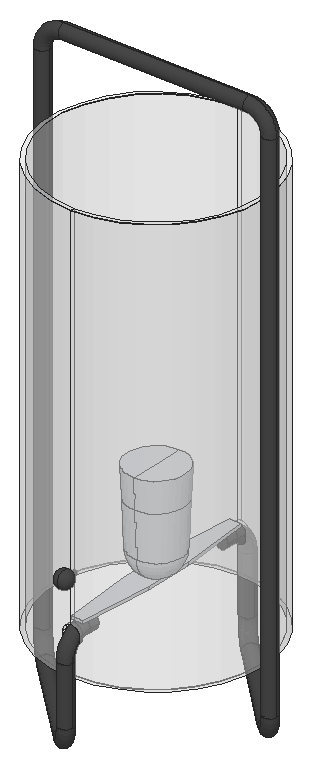
Revit family "Indoor_Table Lamp_Santa&Cole_ASA", category Luminarias, Revit 2018
Family settings
  Cota de conector redondo = Diámetro de uso
  Tipo de pieza = Normal
  Número OmniClass = 23.80.70.00
  Título OmniClass = Lighting
  Se basa en plano de trabajo = No
  Siempre vertical = Sí
  Corte con vacíos al cargar = No
  Origen de luz = Sí
  Compartido = No
  Punto de cálculo de habitación = No
Parameters (values of type "Black Metal Structure")
  Wattage = 3.16409 W
  Technical Information = "https://www.santacole.com/recursos/productos/downloads/pdf_espec_tecnicas/SC_ASA_data%20sheet.pdf"
  built-in parameter 1150110 = 1 (stored number, unit not read)
  URL = "https://www.santacole.com/en/catalogue/table-lamps/asa"
  Structure Material = Santa & Cole - Black Matte Finish
  Manufacturer website = "http://www.santacole.com"
  built-in parameter 1114217 = 1 (stored number, unit not read)
  built-in parameter 1150109 = 1 (stored number, unit not read)
  Energy Label = "https://www.santacole.com/recursos/productos/downloads/pdf_energy_label/Energy%20Label_ASA_without_bulb.pdf"
  Designed by = "Miguel Milá, 1961"
  Contact phone = "+34.938.619.100"
  Contact e-mail = "info@santacole.com"
  built-in parameter 1150134 = (empty or 0)
  built-in parameter 1150113 = 1 (stored number, unit not read)
  Modelo = "ASA"
  Fabricante = "Santa & Cole"
  Lumens = 470 lm
  built-in parameter 1150115 = 1 (stored number, unit not read)
  built-in parameter 1150105 = 37.401 (stored number, unit not read)
  Load = 4.5 W
  Tamaño de símbolo de origen de luz = 50 mm
  built-in parameter 1150137 = (empty or 0)
  built-in parameter 1150139 = (empty or 0)
  built-in parameter 1150112 = 1 (stored number, unit not read)
  built-in parameter 1150114 = 1 (stored number, unit not read)
  Lamp = ""
  built-in parameter 1150132 = 2
  built-in parameter 1150102 = (empty or 0)
  built-in parameter 1150138 = (empty or 0)
  built-in parameter 1150107 = 2700 (stored number, unit not read)
  built-in parameter 1150106 = 0.37401 (stored number, unit not read)
  built-in parameter 1150104 = 13.8 (stored number, unit not read)
  Code = "ASA11/ASA12\r\nASA11/ASA12\r\nASA11/ASA12\r\nASA11/ASA12"
  Dimming Lamp Color Temperature Shift = (empty or 0)
  Color Filter = 16777215
  built-in parameter 1114218 = 1 (stored number, unit not read)
  Assembly instructions - UL = "https://www.santacole.com/recursos/productos/downloads/pdf_montaje/ASA_im_UL.pdf"
  Assembly instructions - CE = "https://www.santacole.com/recursos/productos/downloads/pdf_montaje/asa_im.pdf"
  built-in parameter 1150133 = 10 (stored number, unit not read)
  Apparent Load = 4.5 VA
Types (2, lengths in mm): name | Structure Material
  Black Metal Structure | Santa & Cole - Black Matte Finish
  White Metal Structure | Santa & Cole - White Matte Finish
Reference planes
  plane 1 "Light Source Axis (F/B)": y = 0
  plane 2: z = 0
  plane 3 "Light Source Axis (L/R)": x = 0
  plane 4 "Light Source Elevation": z = 212
  plane 5: through (-85.313, 126.733, 1200) normal (-0.5584, 0.8296, 0)
  plane 6 "Plano trabajo 1": through (-83.538, 3.536, 1200) normal (0.7071, 0.7071, 0)
  plane 7 "Plano trabajo 2": through (83.538, -3.536, 1200) normal (-0.7071, -0.7071, 0)
Forms (mm)
  Revolve 1, solid, material "Santa & Cole - White Opal Glass"
    sketch origin (0, 0, 0) x (0, 1, 0) y (0, 0, 1)
      loop
        line (71.998, 342.5) -> (71.998, 47.5) -> (74.998, 47.5) -> (74.998, 342.5) -> (71.998, 342.5)
      axis (0, 342.5) -> (0, 47.5)
    angle from 0 to 360
  Revolve 2, solid, material "Santa & Cole - Black Matte Finish" <- "Structure Material"
    sketch origin (0, 0, 0) x (0, 1, 0) y (0, 0, 1)
      loop
        line (-81.024, 118.722) -> (-81.024, 106.678)
        arc (-81.024, 106.678) -> (-75.002, 112.7) -> (-81.024, 118.722) r 6.022
      axis (-81.024, 118.722) -> (-81.024, 106.678)
    angle from 0 to 360
  Revolve 3, solid
    sketch origin (0, 0, 0) x (0, 1, 0) y (0, 0, 1)
      loop
        line (0, 150) -> (0, 83) -> (9.998, 83)
        arc (9.998, 83) -> (15.473, 89.003) -> (17.692, 96.819) r 17.712
        line (17.692, 96.819) -> (19.148, 129) -> (20.098, 150) -> (0, 150)
      axis (0, 150) -> (0, 83)
    angle from 0 to 360
  Extrusion 4, solid
    sketch origin (0, 0, 0) x (1, 0, 0) y (0, 1, 0)
      loop
        line (-4, 69.498) -> (-8.515, 17.2)
        arc (-8.515, 17.2) -> (-9.256, -0.002) -> (-8.515, -17.204) r 200
        line (-8.515, -17.204) -> (-4, -69.502) -> (4, -69.502) -> (8.515, -17.204)
        arc (8.515, -17.204) -> (9.256, -0.002) -> (8.515, 17.2) r 200
        line (8.515, 17.2) -> (4, 69.498) -> (-4, 69.498)
    from 81 to 83
  Sweep 5, solid, material "Santa & Cole - Black Matte Finish" <- "Structure Material"
    path origin (0, 0, 0) x (1, 0, 0) y (0, 0, 1)
      loop
        line (85.002, 20) -> (85.002, 385)
        arc (85.002, 385) -> (79.144, 399.142) -> (65.002, 405) r 20
        line (65.002, 405) -> (-65.002, 405)
        arc (-65.002, 405) -> (-79.144, 399.142) -> (-85.002, 385) r 20
        line (-85.002, 385) -> (-85.002, 20)
    profile origin (-85.002, 0, 202.5) x (0, -1, 0) y (1, 0, 0)
      loop
        circle (0, 5.002) r 5.002
  Sweep 6, solid, material "Santa & Cole - Black Matte Finish" <- "Structure Material"
    path origin (-40.001, -40.001, 0) x (-0.707107, 0.707107, 0) y (0, 0, 1)
      loop
        arc (-61.57, 20) -> (-55.712, 5.858) -> (-41.57, 0) r 20
        line (-41.57, 0) -> (41.571, 0)
        arc (41.571, 0) -> (55.713, 5.858) -> (61.571, 20) r 20
    profile origin (-40.001, -40.001, 0) x (0, 0, 1) y (0.707107, 0.707107, 0)
      loop
        circle (5.002, 0) r 5.002
  Sweep 7, solid, material "Santa & Cole - Black Matte Finish" <- "Structure Material"
    path origin (40.001, 40.001, 0) x (-0.707107, 0.707107, 0) y (0, 0, -1)
      loop
        arc (-61.57, -20) -> (-55.712, -5.858) -> (-41.57, 0) r 20
        line (-41.57, 0) -> (41.571, 0)
        arc (41.571, 0) -> (55.713, -5.858) -> (61.571, -20) r 20
    profile origin (40.001, 40.001, 0) x (0, 0, -1) y (-0.707107, -0.707107, 0)
      loop
        circle (-5.002, 0) r 5.002
  Sweep 8, solid, material "Santa & Cole - Black Matte Finish" <- "Structure Material"
    path origin (0, 0, 0) x (0, 1, 0) y (0, 0, 1)
      loop
        line (-85.002, 20) -> (-85.002, 61)
        arc (-85.002, 61) -> (-79.144, 75.142) -> (-65.002, 81) r 20
        line (-65.002, 81) -> (-57.002, 81)
    profile origin (0, -85.002, 40.5) x (0, -1, 0) y (1, 0, 0)
      loop
        circle (-5.002, 0) r 5.002
  Sweep 9, solid, material "Santa & Cole - Black Matte Finish" <- "Structure Material"
    path origin (0, 0, 0) x (0, -1, 0) y (0, 0, 1)
      loop
        line (-85.002, 20) -> (-85.002, 61)
        arc (-85.002, 61) -> (-79.144, 75.142) -> (-65.002, 81) r 20
        line (-65.002, 81) -> (-57.002, 81)
    profile origin (0, 85.002, 40.5) x (0, -1, 0) y (1, 0, 0)
      loop
        circle (5.002, 0) r 5.002
  Extrusion 10, void
    sketch origin (-2.25, 0, 0) x (1, 0, 0) y (0, 0, 1)
      loop
        arc (-3.614, 73.192) -> (2.184, 67.394) -> (7.982, 73.192) r 5.798
        line (7.982, 73.192) -> (7.982, 75.189)
        arc (7.982, 75.189) -> (2.184, 80.987) -> (-3.614, 75.189) r 5.798
        line (-3.614, 75.189) -> (-3.614, 73.192)
    from 69.502 to 80.029
  Extrusion 11, solid, material "Santa & Cole - Black Matte Finish" <- "Structure Material"
    sketch origin (0, 0, 0) x (1, 0, 0) y (0, 0, 1)
      loop
        circle (0, 112.7) r 1.604
    from 72.002 to 76.761
  Extrusion 12, void
    sketch origin (-2.25, 0, 0) x (1, 0, 0) y (0, 0, -1)
      loop
        line (-3.614, -73.192) -> (-3.614, -75.189)
        arc (-3.614, -75.189) -> (2.184, -80.987) -> (7.982, -75.189) r 5.798
        line (7.982, -75.189) -> (7.982, -73.192)
        arc (7.982, -73.192) -> (2.184, -67.394) -> (-3.614, -73.192) r 5.798
    from 69.502 to 80.029
Cuts and joins
  Extrusion 10, Extrusion 12 cuts Revolve 1
  Extrusion 12 cuts Sweep 8
Lines and regions (mm)
  model lines, style "Predeterminado", not visible
    curve 1: line (0, -3.75, 375) -> (0, 3.75, 375)
    curve 2: line (0, 3.75, 375) -> (0, -3.75, 375)
    curve 3: line (0, 15, 86.75) -> (0, -15, 86.75)
    curve 4: line (0, -10, 65) -> (0, -15, 82.176)
    curve 5: line (0, -10, 25) -> (0, -10, 65)
    curve 6: line (0, 6.344, 17.27) -> (0, 10, 25)
    curve 7: line (0, -1.951, 15.192) -> (0, 6.344, 17.27)
    curve 8: line (0, -10, 25) -> (0, -1.951, 15.192)
    curve 9: line (0, 10, 25) -> (0, 10, 65)
    curve 10: line (0, 15, 82.176) -> (0, 10, 65)
    curve 11: line (0, 15, 86.75) -> (0, -15, 86.75)
  model lines
    curve 12: line (-10.607, -69.395, 0) -> (-69.396, -10.606, 0)
    curve 13: arc (-83.538, 3.536, 20) -> (-79.396, -0.606, 5.858) -> (-69.396, -10.606, 0) r 20
Dimensions and locks
  aligned and locked: plane 3 "Light Source Axis (L/R)" to imposter light
  aligned and locked: plane 1 "Light Source Axis (F/B)" to imposter light
  aligned and locked: plane 4 "Light Source Elevation" to imposter light
  aligned and locked: level to plane 2
